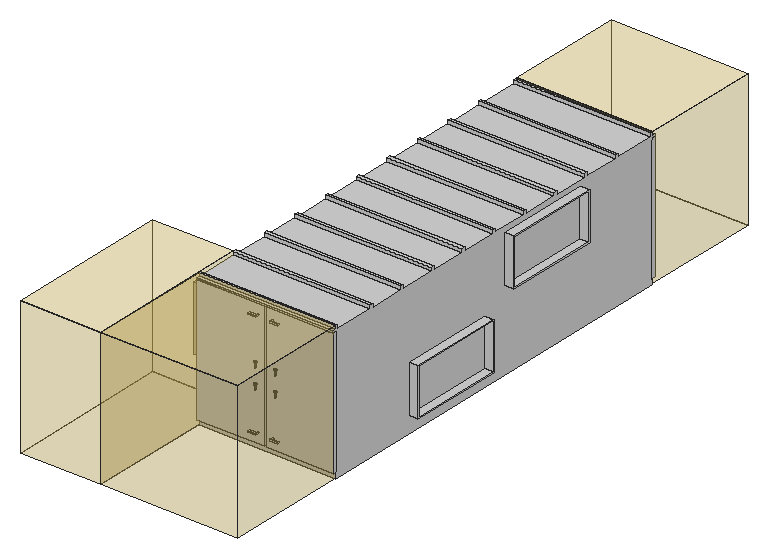
Revit family "Ventilator-RenewAire-Energy-Recovery-LE10XINH", category Mechanical Equipment, Revit 2015
Parameters (values of type "10.0 HP 208-230V Three Phase")
  Voltage = "208-230"
  Ventilation Type = "Static Plate, Heat and Humidity Transfer"
  Unit Width = "205-1/2\""
  Unit Weight - Modular = "1,423-1,912 lbs."
  Unit Weight - Assembled = "2,859-3,799 lbs."
  Unit Length = "80-1/2\""
  Unit Height = "71-1/4\""
  Unit = Metal - RenewAire - Anodized - Gray Text
  URL = "www.renewaire.com"
  Typical Airflow Range = "2,500-11,000 CFM"
  Standard Features = "TEFC Premium efficiency motors, Motor starters, Non-fused disconnect, 24 VAC transformer/relay package, Rubber vibration isolators"
  Shipping Weight - Assembled = "4,239 lbs."
  Service Area Visibility = yes
  Service Area Box = Interference - RenewAire - Smooth - Light - Gold
  Revit Object Download Link = ""
  Phase = "Three"
  Options = "Integrated programmable controls, Fused disconnect, Double wall construction, Factory supplied and mounted variable frequency drives (VFDs) - one or both airstreams, Class 1 low-leakage motorized isolation dampers - OA, RA or both airstreams, Qty. 2 Factory mounted filter alarms, Exterior Paint - white, custom colors, Spring Vibration Isolators"
  Number Motors = "Qty. 2, Belt drive blower/ standard motor packages with choice of adjustable sheaves for low, medium or high blower speed"
  Model = "LE10XINH"
  Minimum Circuit Amps = "60.8A"
  Maximum Overcurrent Protection = "80A"
  Max. Shipping Height - Modular = "78\""
  Max. Shipping Width - Assembled = "90\""
  Max. Shipping Weight - Module 2 = "2,107 lbs."
  Max. Shipping Weight - Module 1 = "2,132 lbs."
  Max. Shipping Width - Modular = "90\""
  Max. Shipping Length - Assembled = "240\""
  Max. Shipping Length - Modular = "120\""
  Max. Shipping Height - Assembled = "78\""
  Manufacturer = "RenewAire LLC"
  Frequency = "60 HZ"
  FLA per Motor = "27.0-24.4"
  Description = "Energy Recovery Ventilator"
  Connector Base Material = Glass - With - Transparency
  Accessories = "Filters - MERV 13, 2\" or 4\"; MERV 8, 4\"  (shipped loose), Digital time clock - wall mount(TC7D-W), in exterior enclosure (TC7D-E), Motion occupancy control - ceiling mount(MC-C), wall mount(MC-W), Carbon Dioxide control - duct mount(CO2-D), wall mount (CO2-W), Electric duct heater – EK series (1-60 kW), EH series (61-175 kW), Indirect gas-fired duct furnace - GH series (50-400 MBH), installed downstream of any fans"
  AHRI 1060 Certified Core = "Ten L125-G5"
Types (14): name | Voltage | Phase | Minimum Circuit Amps | Maximum Overcurrent Protection | FLA per Motor
  (no name) | "208-230" | "Three" | "60.8A" | "80A" | "27.0-24.4"
  3.0 HP 208-230V Single Phase | "208-230" | "Single" | "33.1 A" | "40 A" | "14.7 - 14"
  3.0 HP 208-230V Three Phase | "208-230" | "Three" | "21.1 A" | "25 A" | "9.38-8.48"
  3.0 HP 460V Three Phase | "460" | "Three" | "9.5 A" | "15 A" | "4.24"
  3.0 HP 575V Three Phase | "575" | "Three" | "7.4 A" | "15 A" | "3.3"
  5.0 HP 208-230V Three Phase | "208-230" | "Three" | "32.6 A" | "45 A" | "14.5-13.4"
  5.0 HP 460V Three Phase | "460" | "Three" | "15.1 A" | "20 A" | "6.7"
  5.0 HP 575V Three Phase | "575" | "Three" | "11.9 A" | "15 A" | "5.3"
  7.5 HP 208-230V Three Phase | "208-230" | "Three" | "47.3 A" | "60 A" | "21.0-19.0"
  7.5 HP 460V Three Phase | "460" | "Three" | "21.4 A" | "25 A" | "9.5"
  7.5 HP 575V Three Phase | "575" | "Three" | "17.1 A" | "20 A" | "7.6"
  10.0 HP 208-230V Three Phase | "208-230" | "Three" | "60.8A" | "80A" | "27.0-24.4"
  10.0 HP 460V Three Phase | "460" | "Three" | "27.5A" | "35A" | "12.2"
  10.0 HP 575V Three Phase | "575" | "Three" | "22.0 A" | "30 A" | "9.76"
Reference planes (in)
  plane 1 "Center (Front/Back)": y = 0
  plane 2: z = 0
  plane 3 "Center (Left/Right)": x = 0
Forms (in)
  Extrusion 1, solid, material "Metal - RenewAire - Anodized - Gray Text"
    sketch origin (-0.48313, -45.9375, 75.0345) x (1, 0, 0) y (0, 0, -1)
      loop
        circle (-3.25, 67.0345) r 0.25
    from -56.3125 to -55.5625
  Extrusion 2, solid, material "Metal - RenewAire - Anodized - Gray Text"
    sketch origin (-0.48313, -45.9375, 75.0345) x (0, 1, 0) y (0, 0, -1)
      loop
        line (-56.3125, 67.2845) -> (-57.1875, 67.2845) -> (-57.1875, 66.7845) -> (-56.3125, 66.7845) -> (-56.3125, 67.2845)
    from 2.95437 to 7.02735
  Extrusion 3, solid, material "Metal - RenewAire - Anodized - Gray Text"
    sketch origin (-0.4375, -45.9375, 128.569) x (1, 0, 0) y (0, 0, -1)
      loop
        circle (-3.25, 67.0345) r 0.25
    from -56.3125 to -55.5625
  Extrusion 4, solid, material "Metal - RenewAire - Anodized - Gray Text"
    sketch origin (-0.48313, -45.9375, 128.569) x (0, 1, 0) y (0, 0, -1)
      loop
        line (-56.3125, 67.2845) -> (-57.1875, 67.2845) -> (-57.1875, 66.7845) -> (-56.3125, 66.7845) -> (-56.3125, 67.2845)
    from 2.95437 to 7.02735
  Extrusion 5, solid, material "Interference - RenewAire - Smooth - Light - Gold", visible <- "Service Area Visibility"
    sketch origin (19.25, -40, 0) x (1, 0, 0) y (0, 1, 0)
      loop
        line (-53.8125, -38.125) -> (-94.8125, -38.125) -> (-94.8125, -122.25) -> (-53.8125, -122.25) -> (-53.8125, -38.125)
    from 0 to 69.25
  Extrusion 6, solid, material "Interference - RenewAire - Smooth - Light - Gold", visible <- "Service Area Visibility"
    sketch origin (0, -85.75, 0) x (1, 0, 0) y (0, 1, 0)
      loop
        line (34.5625, -14.25) -> (-34.5625, -14.25) -> (-34.5625, -76.5) -> (34.5625, -76.5) -> (34.5625, -14.25)
    from 0 to 69.25
  Extrusion 7, solid, material "Metal - RenewAire - Anodized - Gray Text"
    sketch origin (0, 0, 0) x (0, 1, 0) y (0, 0, 1)
      loop
        line (99.25, 67.5) -> (78.35, 67.5) -> (78.35, 69.25) -> (76.85, 69.25) -> (76.85, 67.5) -> (58.95, 67.5) -> (58.95, 69.25) -> (57.45, 69.25) -> (57.45, 67.5) -> (39.55, 67.5) -> (39.55, 69.25) -> (38.05, 69.25) -> (38.05, 67.5) -> (20.15, 67.5) -> (20.15, 69.25) -> (18.65, 69.25) -> (18.65, 67.5) -> (0.75, 67.5) -> (0.75, 69.25) -> (-0.75, 69.25) -> (-0.75, 67.5) -> (-18.65, 67.5) -> (-18.65, 69.25) -> (-20.15, 69.25) -> (-20.15, 67.5) -> (-38.05, 67.5) -> (-38.05, 69.25) -> (-39.55, 69.25) -> (-39.55, 67.5) -> (-57.45, 67.5) -> (-57.45, 69.25) -> (-58.95, 69.25) -> (-58.95, 67.5) -> (-76.85, 67.5) -> (-76.85, 69.25) -> (-78.35, 69.25) -> (-78.35, 67.5) -> (-99.25, 67.5) -> (-99.25, 69.25) -> (-100, 69.25) -> (-100, 67.75) -> (-102, 67.75) -> (-102, 67) -> (-100, 67) -> (-100, 0) -> (100, 0) -> (100, 67) -> (102, 67) -> (102, 67.75) -> (100, 67.75) -> (100, 69.25) -> (99.25, 69.25) -> (99.25, 67.5)
    from -34.5625 to 34.5625
  Extrusion 8, solid, material "Interference - RenewAire - Smooth - Light - Gold", visible <- "Service Area Visibility"
    sketch origin (0, 8.09732, 0) x (1, 0, 0) y (0, 1, 0)
      loop
        line (34.5625, 152.90268) -> (-34.5625, 152.90268) -> (-34.5625, 92.65268) -> (34.5625, 92.65268) -> (34.5625, 152.90268)
    from 0 to 69.25
  Extrusion 9, solid, material "Metal - RenewAire - Anodized - Gray Text"
    sketch origin (0, 0, 0) x (1, 0, 0) y (0, 0, 1)
      loop
        line (-34.5625, 66.5) -> (-34.5625, 3) -> (-0.5625, 3) -> (-0.5625, 66.5) -> (-34.5625, 66.5)
    from 100 to 101.5
  Extrusion 10, solid, material "Metal - RenewAire - Anodized - Gray Text"
    sketch origin (-6.80202, 0, 0) x (1, 0, 0) y (0, 0, 1)
      loop
        line (7.36452, 66.5) -> (7.36452, 3) -> (41.36452, 3) -> (41.36452, 66.5) -> (7.36452, 66.5)
    from 100 to 101.5
  Extrusion 11, solid, material "Metal - RenewAire - Anodized - Gray Text"
    sketch origin (0, 0, 0) x (1, 0, 0) y (0, 0, 1)
      loop
        line (-34.5625, 66.5) -> (-34.5625, 3) -> (-0.5625, 3) -> (-0.5625, 66.5) -> (-34.5625, 66.5)
    from -101.5 to -100
  Extrusion 12, solid, material "Metal - RenewAire - Anodized - Gray Text"
    sketch origin (-6.80202, 0, 0) x (1, 0, 0) y (0, 0, 1)
      loop
        line (7.36452, 66.5) -> (7.36452, 3) -> (41.36452, 3) -> (41.36452, 66.5) -> (7.36452, 66.5)
    from -101.5 to -100
  Extrusion 13, solid, material "Metal - RenewAire - Anodized - Gray Text"
    sketch origin (0, -40, 0) x (0, 1, 0) y (0, 0, 1)
      loop
        line (-38.125, 62) -> (-57.5, 62) -> (-57.5, 29.625) -> (-38.125, 29.625) -> (-38.125, 62)
    from -39.5625 to -34.5625
  Extrusion 14, solid, material "Metal - RenewAire - Anodized - Gray Text"
    sketch origin (0, -40, 0) x (0, 1, 0) y (0, 0, 1)
      loop
        line (-49, 43.625) -> (-51.5, 43.625) -> (-51.5, 41.125) -> (-49, 41.125) -> (-49, 43.625)
    from -39.8125 to -39.5625
  Extrusion 15, solid, material "Metal - RenewAire - Anodized - Gray Text"
    sketch origin (0, -40, 0) x (0, 1, 0) y (0, 0, 1)
      loop
        circle (-50.24745, 42.375) r 1
    from -40.8125 to -39.8125
  Extrusion 16, solid, material "Metal - RenewAire - Anodized - Gray Text"
    sketch origin (0.48313, -45.9375, 75.0345) x (-1, 0, 0) y (0, 0, 1)
      loop
        circle (-3.25, -67.0345) r 0.25
    from -56.3125 to -55.5625
  Extrusion 17, solid, material "Metal - RenewAire - Anodized - Gray Text"
    sketch origin (0.48313, -45.9375, 75.0345) x (0, 1, 0) y (0, 0, 1)
      loop
        line (-56.3125, -67.2845) -> (-56.3125, -66.7845) -> (-57.1875, -66.7845) -> (-57.1875, -67.2845) -> (-56.3125, -67.2845)
    from 2.95437 to 7.02735
  Extrusion 18, solid, material "Metal - RenewAire - Anodized - Gray Text"
    sketch origin (0.4375, -45.9375, 128.569) x (-1, 0, 0) y (0, 0, 1)
      loop
        circle (-3.25, -67.0345) r 0.25
    from -56.3125 to -55.5625
  Extrusion 19, solid, material "Metal - RenewAire - Anodized - Gray Text"
    sketch origin (0.48313, -45.9375, 128.569) x (0, 1, 0) y (0, 0, 1)
      loop
        line (-56.3125, -67.2845) -> (-56.3125, -66.7845) -> (-57.1875, -66.7845) -> (-57.1875, -67.2845) -> (-56.3125, -67.2845)
    from 2.95437 to 7.02735
  Extrusion 20, solid, material "Metal - RenewAire - Anodized - Gray Text"
    sketch origin (-0.48313, 46.6875, 75.0345) x (1, 0, 0) y (0, 0, 1)
      loop
        circle (-3.25, -67.0345) r 0.25
    from -56.3125 to -55.5625
  Extrusion 21, solid, material "Metal - RenewAire - Anodized - Gray Text"
    sketch origin (-0.48313, 46.6875, 75.0345) x (0, -1, 0) y (0, 0, 1)
      loop
        line (-56.3125, -67.2845) -> (-56.3125, -66.7845) -> (-57.1875, -66.7845) -> (-57.1875, -67.2845) -> (-56.3125, -67.2845)
    from 2.95437 to 7.02735
  Extrusion 22, solid, material "Metal - RenewAire - Anodized - Gray Text"
    sketch origin (-0.4375, 46.6875, 128.569) x (1, 0, 0) y (0, 0, 1)
      loop
        circle (-3.25, -67.0345) r 0.25
    from -56.3125 to -55.5625
  Extrusion 23, solid, material "Metal - RenewAire - Anodized - Gray Text"
    sketch origin (-0.48313, 46.6875, 128.569) x (0, -1, 0) y (0, 0, 1)
      loop
        line (-56.3125, -67.2845) -> (-56.3125, -66.7845) -> (-57.1875, -66.7845) -> (-57.1875, -67.2845) -> (-56.3125, -67.2845)
    from 2.95437 to 7.02735
  Extrusion 24, solid, material "Metal - RenewAire - Anodized - Gray Text"
    sketch origin (0.48313, 46.6875, 75.0345) x (-1, 0, 0) y (0, 0, -1)
      loop
        circle (-3.25, 67.0345) r 0.25
    from -56.3125 to -55.5625
  Extrusion 25, solid, material "Metal - RenewAire - Anodized - Gray Text"
    sketch origin (0.48313, 46.6875, 75.0345) x (0, -1, 0) y (0, 0, -1)
      loop
        line (-56.3125, 67.2845) -> (-57.1875, 67.2845) -> (-57.1875, 66.7845) -> (-56.3125, 66.7845) -> (-56.3125, 67.2845)
    from 2.95437 to 7.02735
  Extrusion 26, solid, material "Metal - RenewAire - Anodized - Gray Text"
    sketch origin (0.4375, 46.6875, 128.569) x (-1, 0, 0) y (0, 0, -1)
      loop
        circle (-3.25, 67.0345) r 0.25
    from -56.3125 to -55.5625
  Extrusion 27, solid, material "Metal - RenewAire - Anodized - Gray Text"
    sketch origin (0.48313, 46.6875, 128.569) x (0, -1, 0) y (0, 0, -1)
      loop
        line (-56.3125, 67.2845) -> (-57.1875, 67.2845) -> (-57.1875, 66.7845) -> (-56.3125, 66.7845) -> (-56.3125, 67.2845)
    from 2.95437 to 7.02735
  Extrusion 28, solid, material "Metal - RenewAire - Anodized - Gray Text"
    sketch origin (0, 0, 0) x (0, 1, 0) y (0, 0, 1)
      loop
        line (54.25, 65.125) -> (6.25, 65.125) -> (6.25, 41.125) -> (54.25, 41.125) -> (54.25, 65.125)
      loop
        line (54, 64.875) -> (6.5, 64.875) -> (6.5, 41.375) -> (54, 41.375) -> (54, 64.875)
    from -36.5625 to -34.5625
  Extrusion 29, solid, material "Metal - RenewAire - Anodized - Gray Text"
    sketch origin (0, 0, 0) x (0, 1, 0) y (0, 0, 1)
      loop
        line (-6.25, 32.75) -> (-54.25, 32.75) -> (-54.25, 8.75) -> (-6.25, 8.75) -> (-6.25, 32.75)
      loop
        line (-6.5, 32.5) -> (-54, 32.5) -> (-54, 9) -> (-6.5, 9) -> (-6.5, 32.5)
    from -36.5625 to -34.5625
  Extrusion 30, solid, material "Metal - RenewAire - Anodized - Gray Text"
    sketch origin (0, 2, -0.375) x (0, 1, 0) y (0, 0, 1)
      loop
        line (4.25, 65.5) -> (4.25, 41.5) -> (52.25, 41.5) -> (52.25, 65.5) -> (4.25, 65.5)
      loop
        line (4.5, 65.25) -> (4.5, 41.75) -> (52, 41.75) -> (52, 65.25) -> (4.5, 65.25)
    from 34.5625 to 39.5625
  Extrusion 31, solid, material "Metal - RenewAire - Anodized - Gray Text"
    sketch origin (0, -2, -2) x (0, 1, 0) y (0, 0, 1)
      loop
        line (-52.25, 34.75) -> (-52.25, 10.75) -> (-4.25, 10.75) -> (-4.25, 34.75) -> (-52.25, 34.75)
      loop
        line (-52, 34.5) -> (-52, 11) -> (-4.5, 11) -> (-4.5, 34.5) -> (-52, 34.5)
    from 34.5625 to 39.5625
Dimensions and locks (in)
  level to Extrusion 30 = 5' - 5 1/8"
  aligned and locked: level to plane 2
Nested families (in)
  nested 1: "Monitoring Port" at (-5.0625, -101.5, 27.071), type "Monitoring Port"
  nested 2: "Monitoring Port" at (-5.0625, -101.5, 37.1055), type "Monitoring Port"
  nested 3: "Monitoring Port" at (5.0625, -101.5, 27.071) x (-1, 0, 0) z (0, 0, 1), type "Monitoring Port"
  nested 4: "Monitoring Port" at (5.0625, -101.5, 37.1055) x (-1, 0, 0) z (0, 0, 1), type "Monitoring Port"
  nested 5: "Monitoring Port" at (-5.0625, 102.25, 27.071), type "Monitoring Port"
  nested 6: "Monitoring Port" at (-5.0625, 102.25, 37.1055), type "Monitoring Port"
  nested 7: "Monitoring Port" at (5.0625, 102.25, 27.071) x (-1, 0, 0) z (0, 0, 1), type "Monitoring Port"
  nested 8: "Monitoring Port" at (5.0625, 102.25, 37.1055) x (-1, 0, 0) z (0, 0, 1), type "Monitoring Port"
Connectors (in)
  hvac at (39.5625, 30.25, 53.125)
    settings: on Extrusion 30, index 1, duct flow 0 CFM, flow factor 0, pres drop 0.00 in-wg, loss coef 0, conn angle 0.00°, conn width 48", conn height 24", conn diameter 24", duct sys type 1, conn prof type 1, flow config 0, flow direction 1, loss method 0, conn ref index -1, conn util no, is conn primary yes, conn desc "OA (Outside Air)"
  hvac at (39.5625, -30.25, 20.75)
    settings: on Extrusion 31, index 2, duct flow 0 CFM, flow factor 0, pres drop 0.00 in-wg, loss coef 0, conn angle 0.00°, conn width 48", conn height 24", conn diameter 24", duct sys type 2, conn prof type 1, flow config 0, flow direction 1, loss method 0, conn ref index -1, conn util no, is conn primary no, conn desc "RA (Return Air)"
  hvac at (-36.5625, -30.25, 20.75)
    settings: on Extrusion 29, index 4, duct flow 0 CFM, flow factor 0, pres drop 0.00 in-wg, loss coef 0, conn angle 0.00°, conn width 48", conn height 24", conn diameter 24", duct sys type 1, conn prof type 1, flow config 0, flow direction 2, loss method 0, conn ref index -1, conn util no, is conn primary no, conn desc "FA (Fresh Air)"
  hvac at (-36.5625, 30.25, 53.125)
    settings: on Extrusion 28, index 5, duct flow 0 CFM, flow factor 0, pres drop 0.00 in-wg, loss coef 0, conn angle 0.00°, conn width 48", conn height 24", conn diameter 24", duct sys type 3, conn prof type 1, flow config 0, flow direction 2, loss method 0, conn ref index -1, conn util no, is conn primary no, conn desc "EA (Exhaust Air)"
Definition of nested family "Monitoring Port"
  Parameters (values of type "Monitoring Port")
    URL = "www.renewaire.com"
    Revit Object Download Link = ""
    Model = ""
    Manufacturer = "RenewAire LLC"
    Description = "Monitoring Ports"
  Reference planes (in)
    plane 1 "Center (Front/Back)": y = 0
    plane 2: z = 0
    plane 3 "Center (Left/Right)": x = 0
  Forms (in)
    Extrusion 1, solid
      sketch origin (-9.43348, 0, 37.76669) x (-1, 0, 0) y (0, 0, -1)
        loop
          line (-9.53348, 35.65895) -> (-9.94097, 35.42369) -> (-9.94097, 34.83769) -> (-9.43348, 34.54469) -> (-8.92599, 34.83769) -> (-8.92599, 35.42369) -> (-9.33348, 35.65895) -> (-9.33348, 37.28756)
          arc (-9.33348, 37.28756) -> (-9.43348, 37.76669) -> (-9.53348, 37.28756) r 0.25
          line (-9.53348, 37.28756) -> (-9.53348, 35.65895)
      from 0 to 0.25
  Dimensions and locks (in)
    aligned and locked: level to plane 2
